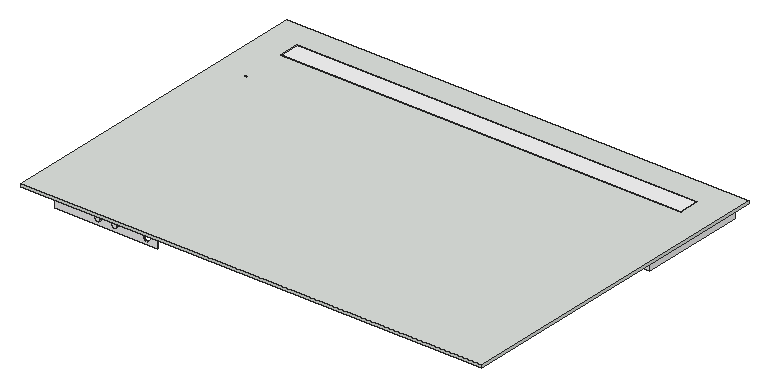
Revit family "Furniture-Lighted_Mirror-KOHLER-Forefront-K-23266IN_1", category Lighting Fixtures, host Face, Revit 2022
Family settings
  Host = Face
  Round Connector Dimension = Use Diameter
  Part Type = Normal
  OmniClass Number = 23.21.37.13.15
  OmniClass Title = Mirrors
  Cut with Voids When Loaded = No
  Light Source = Yes
  Maintain Annotation Orientation = No
  Shared = No
  Room Calculation Point = No
Parameters (values of type "NA-Anodized Aluminum")
  Width = 35 111/256"  # constant formula
  Wattage Comments = "170-250VAC"  # constant formula
  Wattage = 8.75174 W
  WaterSense Certified = 1 = 0  # no
  built-in parameter 1150110 = 1 (stored number, unit not read)
  Voltage = 12 V  # constant formula
  URL = "https://www.kohler.co.in/"
  Type = 1
  built-in parameter 1114217 = 1 (stored number, unit not read)
  built-in parameter 1150109 = 1 (stored number, unit not read)
  built-in parameter 1150134 = 12
  built-in parameter 1150113 = 1 (stored number, unit not read)
  Product Page URL = ""
  Product Name = "Forefront"  # constant formula
  Product Documentation Link = ""
  Model = "K-23266IN-NA"  # constant formula
  Material = "Anodized Aluminum Construction"  # constant formula
  Master Format 2014 Name = "Storage Cabinets"  # constant formula
  Master Format 2014 = "41 53 13"  # constant formula
  Manufacturer Address = "Ambience Office Tower NH-8 Gurgaon / Gurugram Haryana , 122001"  # constant formula
  Manufacturer = "Kohler Co."  # constant formula
  built-in parameter 1150105 = 413.8 (stored number, unit not read)
  Lumens = 1300 lm
  built-in parameter 1150115 = 1 (stored number, unit not read)
  Light Source Symbol Size = 6"  # constant formula
  built-in parameter 1150137 = (empty or 0)
  built-in parameter 1150139 = (empty or 0)
  Length = 1 23/128"  # constant formula
  built-in parameter 1150112 = 1 (stored number, unit not read)
  built-in parameter 1150114 = 1 (stored number, unit not read)
  Lamp = "LED"  # constant formula
  built-in parameter 1150132 = 2
  built-in parameter 1150102 = (empty or 0)
  built-in parameter 1150107 = 4000 (stored number, unit not read)
  built-in parameter 1150138 = (empty or 0)
  built-in parameter 1150106 = 4.138 (stored number, unit not read)
  Height = 25 151/256"  # constant formula
  Finish = Kohler-Metal-NA-Anodized_Aluminum
  Environmental Product Declaration = ""
  Emit from Line Length = 24"
  Electrical Note = "One Dedicated Circuit Required"  # constant formula
  Electrical Connector = 1 = 1  # yes
  built-in parameter 1150104 = 13.8 (stored number, unit not read)
  Dimming Lamp Color Temperature Shift = Incandescent Lamp Curve
  Description = "Time Mirror 900mm"  # constant formula
  Default Elevation = 60"
  Declare Label = ""
  Date Modified = "05/05/2022"  # constant formula
  Date Created = "05/05/2022"  # constant formula
  Copyright = "Copyright Kohler Co."  # constant formula
  Contact Us = "https://www.kohler.co.in/contact-us"
  Color Filter = 16777215
  built-in parameter 1114218 = 1 (stored number, unit not read)
  built-in parameter 1150133 = 10 (stored number, unit not read)
  Assembly Code = "D5020200"
  Apparent Load = 250 VA  # constant formula
  ADA Compliant = 1 = 0  # no
Reference planes (in)
  plane 1 "Center (Front/Back)": y = 0
  plane 2: z = 0
  plane 3 "Center (Left/Right)": x = 0
  plane 4: y = 12.79528
  plane 5: y = 10.82677
  plane 6: y = 10.03937
  plane 7: y = 9.25197
  plane 8: x = -15.35433
  plane 9: x = -17.71654
  plane 10: y = -9.23622
  plane 11: y = -12.79457
  plane 12: x = 15.35433
  plane 13: x = 16.14226
  plane 14: x = 17.71706
  plane 15: x = -11.59449
  plane 16: z = 1.17969
  plane 17: z = 1.08268
  plane 18: z = 0.98425
Dimensions and locks (in)
  "Width": plane 9 to plane 14
  "Height": plane 11 to plane 4
  plane 8 to plane 12 = 30.70866"
  plane 13 to plane 14 = 1.5748"
  plane 9 to plane 8 = 2.3622"
  plane 12 to plane 14 = 2.36273"
  "Length": plane 16 to level
  aligned and locked: plane 2 to host face
  aligned and locked: level to host face
Automatic sketch dimensions
  host sketch curve to host sketch curve = 96"  (x2)
Nested families (in)
  nested 1: "K-23266IN" at (0, 0, 0), type "K-23266IN"
Connectors (in)
  electrical at (-11.59449, -9.23622, 0), driven by "Voltage", driven by "Apparent Load", driven by "Electrical Connector", driven by "Electrical Note"
    settings: on nested 1, index 1, voltage 12 V, apparent load 250 VA, apparent load phase1 0 VA, apparent load phase2 0 VA, apparent load phase3 0 VA, power factor 1, load classification "Lighting", number of poles 1, system type 30, power factor state 1, is connector primary yes, connector utility yes, sub classification motor no, connector description "One Dedicated Circuit Required"
Definition of nested family "K-23266IN"
  Parameters
    Material = none
    Default Elevation = 0"
  Reference planes (in)
    plane 1 "Center (Front/Back)": y = 0
    plane 2: z = 0
    plane 3 "Center (Left/Right)": x = 0
    plane 4: x = -17.71654
    plane 5: x = 17.71654
    plane 6: x = -15.35433
    plane 7: x = 15.35433
    plane 8: y = 12.79528
    plane 9: y = -12.79528
    plane 10: y = 10.82677
    plane 11: y = 9.25197
    plane 12: x = -17.12598
    plane 13: x = 16.14173
    plane 14: x = 15.74803
    plane 15: z = 1.1811
    plane 16: z = 0.98425
    plane 17: z = 1.08268
    plane 18: y = -9.23622
    plane 19: x = -11.59449
    plane 20: y = 10.03937
  Forms (in)
    Extrusion 1, solid
      sketch origin (0, 0, 0) x (1, 0, 0) y (0, 1, 0)
        loop
          line (-17.71654, 12.79528) -> (-17.71654, -12.79528) -> (17.71654, -12.79528) -> (17.71654, 12.79528) -> (-17.71654, 12.79528)
      from 1.1811 to 0.98425
    Extrusion 2, void
      sketch origin (0, 0, 0) x (1, 0, 0) y (0, 1, 0)
        loop
          line (15.35433, 10.82677) -> (-15.35433, 10.82677) -> (-15.35433, 9.25197) -> (15.35433, 9.25197) -> (15.35433, 10.82677)
      from 1.02362 to 1.50522
    Extrusion 3, solid
      sketch origin (0, 0, 0) x (1, 0, 0) y (0, 1, 0)
        loop
          line (-15.35433, 10.82677) -> (-15.35433, 9.25197) -> (15.35433, 9.25197) -> (15.35433, 10.82677) -> (-15.35433, 10.82677)
      from 1.1811 to 1.14581
    Extrusion 4, solid, material <- "Material", detail levels medium+fine
      sketch origin (0, 0, 0) x (1, 0, 0) y (0, 0, 1)
        loop
          line (-16.14173, 0.98425) -> (-17.12598, 0.98425) -> (-17.12598, 0) -> (-16.14173, 0) -> (-16.14173, 0.98425)
        loop
          line (16.14173, 0.98425) -> (16.14173, 0) -> (17.12598, 0) -> (17.12598, 0.98425) -> (16.14173, 0.98425)
      from -12.20472 to -4.09449
    Extrusion 5, void
      sketch origin (0, 0, 0) x (1, 0, 0) y (0, 1, 0)
        loop
          line (-16.75197, 8.85827) -> (-16.75197, 8.55103)
          arc (-16.75197, 8.55103) -> (-16.63386, 8.11024) -> (-16.51575, 8.55103) r 0.23622
          line (-16.51575, 8.55103) -> (-16.51575, 8.85827)
          arc (-16.51575, 8.85827) -> (-16.63386, 8.97638) -> (-16.75197, 8.85827) r 0.11811
        loop
          arc (16.75197, 8.85827) -> (16.63386, 8.97638) -> (16.51575, 8.85827) r 0.11811
          line (16.51575, 8.85827) -> (16.51575, 8.55103)
          arc (16.51575, 8.55103) -> (16.63386, 8.11024) -> (16.75197, 8.55103) r 0.23622
          line (16.75197, 8.55103) -> (16.75197, 8.85827)
      from -1.93495 to 0.251
    Extrusion 6, solid, material <- "Material", detail levels medium+fine
      sketch origin (0, 0, 0) x (0, 1, 0) y (0, 0, 1)
        loop
          line (10.823, 0.15378) -> (11.18433, 0.92866)
          arc (11.18433, 0.92866) -> (11.1947, 0.94048) -> (11.20979, 0.94488) r 0.02809
          line (11.20979, 0.94488) -> (11.27064, 0.94488) -> (11.27064, 0.98425) -> (6.14173, 0.98425) -> (6.14173, 0.94488) -> (6.20013, 0.94488)
          arc (6.20013, 0.94488) -> (6.21451, 0.93892) -> (6.22047, 0.92454) r 0.02034
          line (6.22047, 0.92454) -> (6.22047, 0.27559)
          arc (6.22047, 0.27559) -> (6.30119, 0.08072) -> (6.49606, 0) r 0.27559
          line (6.49606, 0) -> (10.58162, 0)
          arc (10.58162, 0) -> (10.72472, 0.04171) -> (10.823, 0.15378) r 0.26633
      from -15.74803 to 15.74803
    Extrusion 7, solid, material <- "Material"
      sketch origin (0, 0, 0) x (1, 0, 0) y (0, 1, 0)
        loop
          line (15.74803, 5.35433) -> (-15.74803, 5.35433) -> (-15.74803, -7.24409) -> (15.74803, -7.24409) -> (15.74803, 5.35433)
      from 0.94488 to 0.98425
    Extrusion 8, solid, material <- "Material"
      sketch origin (0, 0, 0) x (1, 0, 0) y (0, 1, 0)
        loop
          line (-13.50394, -8.05512) -> (-13.50394, -10.41732) -> (-9.68504, -10.41732) -> (-9.68504, -8.05512) -> (-13.50394, -8.05512)
      from 0 to 0.98425
    Extrusion 9, solid, material <- "Material"
      sketch origin (0, 0, 0) x (1, 0, 0) y (0, 1, 0)
        loop
          line (-13.50394, -8.05512) -> (-14.09449, -8.05512) -> (-14.09449, -8.37008) -> (-13.8189, -8.37008)
          arc (-13.8189, -8.37008) -> (-13.74016, -8.44882) -> (-13.8189, -8.52756) r 0.07874
          line (-13.8189, -8.52756) -> (-14.09449, -8.52756) -> (-14.09449, -9.94488) -> (-13.8189, -9.94488)
          arc (-13.8189, -9.94488) -> (-13.74016, -10.02362) -> (-13.8189, -10.10236) r 0.07874
          line (-13.8189, -10.10236) -> (-14.09449, -10.10236) -> (-14.09449, -10.41732) -> (-13.50394, -10.41732) -> (-13.50394, -8.05512)
        loop
          line (-9.68504, -8.05512) -> (-9.68504, -10.41732) -> (-9.09449, -10.41732) -> (-9.09449, -10.10236) -> (-9.37008, -10.10236)
          arc (-9.37008, -10.10236) -> (-9.44882, -10.02362) -> (-9.37008, -9.94488) r 0.07874
          line (-9.37008, -9.94488) -> (-9.09449, -9.94488) -> (-9.09449, -8.52756) -> (-9.37008, -8.52756)
          arc (-9.37008, -8.52756) -> (-9.44882, -8.44882) -> (-9.37008, -8.37008) r 0.07874
          line (-9.37008, -8.37008) -> (-9.09449, -8.37008) -> (-9.09449, -8.05512) -> (-9.68504, -8.05512)
      from 0.59055 to 0.98425
    Extrusion 10, solid, material <- "Material"
      sketch origin (0, 0, 0) x (0, 1, 0) y (0, 0, 1)
        loop
          line (-11.22047, 0.94488) -> (-11.22047, 0.98425) -> (-12.20472, 0.98425) -> (-12.20472, 0) -> (-12.16535, 0) -> (-12.16535, 0.94488) -> (-11.22047, 0.94488)
      from -7.65748 to -15.5315
    Extrusion 11, solid, material <- "Material"
      sketch origin (0, 0, 0) x (1, 0, 0) y (0, 0, 1)
        loop
          circle (-12.20472, 0.49213) r 0.19685
        loop
          circle (-10.90551, 0.49213) r 0.19685
      from 12.25425 to 12.20472
    Extrusion 12, void
      sketch origin (0, 0, 0) x (1, 0, 0) y (0, 0, 1)
        loop
          circle (-8.44488, 0.49213) r 0.27559
      from 12.79528 to 11.72242
    Extrusion 13, solid, material <- "Material", detail levels coarse
      sketch origin (0, 0, 0) x (1, 0, 0) y (0, 1, 0)
        loop
          line (16.14173, 11.27064) -> (-16.14173, 11.27064) -> (-16.14173, 12.20472) -> (-17.12598, 12.20472) -> (-17.12598, 4.09449) -> (-16.14173, 4.09449) -> (-16.14173, 6.14173) -> (16.14173, 6.14173) -> (16.14173, 4.09449) -> (17.12598, 4.09449) -> (17.12598, 12.20472) -> (16.14173, 12.20472) -> (16.14173, 11.27064)
      from 0 to 0.98425
    Extrusion 14, solid, material <- "Material", detail levels medium+fine
      sketch origin (0, 0, 0) x (1, 0, 0) y (0, 1, 0)
        loop
          circle (-11.59449, -9.23622) r 0.19685
      from 0 to 0.21159
  Cuts and joins
    Extrusion 2 cuts Extrusion 1
    Extrusion 5 cuts Extrusion 4
    Extrusion 12 cuts Extrusion 10
  Lines and regions (in)
    Masking region 1
      outline origin (0, 0, 0) x (1, 0, 0) y (0, 1, 0)
        loop
          line (-17.71654, 12.79528) -> (-17.71654, -12.79528) -> (17.71654, -12.79528) -> (17.71654, 12.79528) -> (-17.71654, 12.79528)
    Masking region 2
      outline origin (0, 0, 0) x (0, 1, 0) y (0, 0, 1)
        loop
          line (4.09449, 0) -> (12.20472, 0) -> (12.20472, 0.98425) -> (12.79528, 0.98425) -> (12.79528, 1.1811) -> (-12.79528, 1.1811) -> (-12.79528, 0.98425) -> (-12.20472, 0.98425) -> (-12.20472, 0.68898) -> (-12.25425, 0.68898) -> (-12.25425, 0.29528) -> (-12.20472, 0.29528) -> (-12.20472, 0) -> (-12.16535, 0) -> (-12.16535, 0.94488) -> (-11.22047, 0.94488) -> (-11.22047, 0.98425) -> (-10.41732, 0.98425) -> (-10.41732, 0) -> (-8.05512, 0) -> (-8.05512, 0.98425) -> (-7.24409, 0.98425) -> (-7.24409, 0.94488) -> (4.09449, 0.94488) -> (4.09449, 0)
    Masking region 3
      outline origin (0, 0, 0) x (1, 0, 0) y (0, 0, 1)
        loop
          line (17.71654, 0.98425) -> (17.71654, 1.1811) -> (-17.71654, 1.1811) -> (-17.71654, 0.98425) -> (-17.12598, 0.98425) -> (-17.12598, 0) -> (-16.14173, 0) -> (-16.14173, 0.98425) -> (-15.74803, 0.98425) -> (-15.74803, 0) -> (15.74803, 0) -> (15.74803, 0.98425) -> (16.14173, 0.98425) -> (16.14173, 0) -> (17.12598, 0) -> (17.12598, 0.98425) -> (17.71654, 0.98425)
    symbolic lines, detail levels medium+fine
      curve 1: line (15.35433, 10.82677, 0) -> (-15.35433, 10.82677, 0)
      curve 2: line (-15.35433, 10.82677, 0) -> (-15.35433, 9.25197, 0)
      curve 3: line (-15.35433, 9.25197, 0) -> (15.35433, 9.25197, 0)
      curve 4: line (15.35433, 9.25197, 0) -> (15.35433, 10.82677, 0)
      curve 5: line (-14.84444, -9.97461, 0) -> (-14.29326, -9.97461, 0)
      curve 6: line (-14.84444, -10.78234, 0) -> (-14.84444, -9.97461, 0)
      curve 7: line (-14.29326, -10.78234, 0) -> (-14.84444, -10.78234, 0)
      curve 8: line (-14.7657, -10.7036, 0) -> (-14.7657, -10.39816, 0)
      curve 9: line (-14.7657, -10.05335, 0) -> (-14.372, -10.05335, 0)
      curve 10: line (-14.372, -10.7036, 0) -> (-14.7657, -10.7036, 0)
      curve 11: line (-14.372, -10.05335, 0) -> (-14.372, -10.35879, 0)
      curve 12: line (-14.7657, -10.35879, 0) -> (-14.372, -10.35879, 0)
      curve 13: line (-14.7657, -10.39816, 0) -> (-14.372, -10.39816, 0)
      curve 14: line (-14.7657, -10.35879, 0) -> (-14.7657, -10.05335, 0)
      curve 15: line (-14.372, -10.39816, 0) -> (-14.372, -10.7036, 0)
      curve 16: line (-14.29326, -9.97461, 0) -> (-14.29326, -10.78234, 0)
      curve 17: line (-14.15546, -9.97461, 0) -> (-13.60428, -9.97461, 0)
      curve 18: line (-14.15546, -10.78234, 0) -> (-14.15546, -9.97461, 0)
      curve 19: line (-13.60428, -10.78234, 0) -> (-14.15546, -10.78234, 0)
      curve 20: line (-14.07672, -10.7036, 0) -> (-14.07672, -10.39816, 0)
      curve 21: line (-14.07672, -10.05335, 0) -> (-13.68302, -10.05335, 0)
      curve 22: line (-13.68302, -10.7036, 0) -> (-14.07672, -10.7036, 0)
      curve 23: line (-13.68302, -10.05335, 0) -> (-13.68302, -10.35879, 0)
      curve 24: line (-14.07672, -10.35879, 0) -> (-13.68302, -10.35879, 0)
      curve 25: line (-14.07672, -10.39816, 0) -> (-13.68302, -10.39816, 0)
      curve 26: line (-14.07672, -10.35879, 0) -> (-14.07672, -10.05335, 0)
      curve 27: line (-13.68302, -10.39816, 0) -> (-13.68302, -10.7036, 0)
      curve 28: line (-13.60428, -9.97461, 0) -> (-13.60428, -10.78234, 0)
      curve 29: line (-11.98271, -9.97461, 0) -> (-12.53389, -9.97461, 0)
      curve 30: line (-11.98271, -10.78234, 0) -> (-11.98271, -9.97461, 0)
      curve 31: line (-12.53389, -10.78234, 0) -> (-11.98271, -10.78234, 0)
      curve 32: line (-12.06145, -10.7036, 0) -> (-12.06145, -10.39816, 0)
      curve 33: line (-12.06145, -10.05335, 0) -> (-12.45515, -10.05335, 0)
      curve 34: line (-12.45515, -10.7036, 0) -> (-12.06145, -10.7036, 0)
      curve 35: line (-12.45515, -10.05335, 0) -> (-12.45515, -10.35879, 0)
      curve 36: line (-12.06145, -10.35879, 0) -> (-12.45515, -10.35879, 0)
      curve 37: line (-12.06145, -10.39816, 0) -> (-12.45515, -10.39816, 0)
      curve 38: line (-12.06145, -10.35879, 0) -> (-12.06145, -10.05335, 0)
      curve 39: line (-12.45515, -10.39816, 0) -> (-12.45515, -10.7036, 0)
      curve 40: line (-12.53389, -9.97461, 0) -> (-12.53389, -10.78234, 0)
      curve 41: line (-12.67169, -9.97461, 0) -> (-13.22287, -9.97461, 0)
      curve 42: line (-12.67169, -10.78234, 0) -> (-12.67169, -9.97461, 0)
      curve 43: line (-13.22287, -10.78234, 0) -> (-12.67169, -10.78234, 0)
      curve 44: line (-12.75043, -10.7036, 0) -> (-12.75043, -10.39816, 0)
      curve 45: line (-12.75043, -10.05335, 0) -> (-13.14413, -10.05335, 0)
      curve 46: line (-13.14413, -10.7036, 0) -> (-12.75043, -10.7036, 0)
      curve 47: line (-13.14413, -10.05335, 0) -> (-13.14413, -10.35879, 0)
      curve 48: line (-12.75043, -10.35879, 0) -> (-13.14413, -10.35879, 0)
      curve 49: line (-12.75043, -10.39816, 0) -> (-13.14413, -10.39816, 0)
      curve 50: line (-12.75043, -10.35879, 0) -> (-12.75043, -10.05335, 0)
      curve 51: line (-13.14413, -10.39816, 0) -> (-13.14413, -10.7036, 0)
      curve 52: line (-13.22287, -9.97461, 0) -> (-13.22287, -10.78234, 0)
      curve 53: line (-13.46071, -10.22741, 0) -> (-13.36824, -10.22741, 0)
      curve 54: line (-13.46071, -10.27874, 0) -> (-13.46071, -10.22741, 0)
      curve 55: line (-13.36824, -10.27874, 0) -> (-13.46071, -10.27874, 0)
      curve 56: line (-13.36824, -10.22741, 0) -> (-13.36824, -10.27874, 0)
      curve 57: line (-13.4804, -10.20772, 0) -> (-13.34856, -10.20772, 0)
      curve 58: line (-13.34856, -10.20772, 0) -> (-13.34856, -10.29842, 0)
      curve 59: line (-13.34856, -10.29842, 0) -> (-13.4804, -10.29842, 0)
      curve 60: line (-13.4804, -10.29842, 0) -> (-13.4804, -10.20772, 0)
      curve 61: line (-13.46071, -10.52954, 0) -> (-13.36824, -10.52954, 0)
      curve 62: line (-13.46071, -10.47821, 0) -> (-13.46071, -10.52954, 0)
      curve 63: line (-13.36824, -10.47821, 0) -> (-13.46071, -10.47821, 0)
      curve 64: line (-13.36824, -10.52954, 0) -> (-13.36824, -10.47821, 0)
      curve 65: line (-13.4804, -10.54922, 0) -> (-13.34856, -10.54922, 0)
      curve 66: line (-13.34856, -10.54922, 0) -> (-13.34856, -10.45852, 0)
      curve 67: line (-13.34856, -10.45852, 0) -> (-13.4804, -10.45852, 0)
      curve 68: line (-13.4804, -10.45852, 0) -> (-13.4804, -10.54922, 0)
      curve 69: line (0, 12.20472, 0.98425) -> (0, -7.24409, 0.98425)
      curve 70: line (0, 4.09449, 0.94488) -> (0, 4.09449, 0.98425)
      curve 71: line (0, -8.05512, 0.98425) -> (0, -10.41732, 0.98425)
      curve 72: line (0, -11.22047, 0.98425) -> (0, -12.20472, 0.98425)
      curve 73: line (0, -12.20472, 0.29528) -> (0, -12.20472, 0.68898)
      curve 74: line (0, -8.05512, 0.59055) -> (0, -10.41732, 0.59055)
      curve 75: line (0, -8.37008, 0.98425) -> (0, -8.37008, 0.59055)
      curve 76: line (0, -8.52756, 0.59055) -> (0, -8.52756, 0.98425)
      curve 77: line (0, -9.94488, 0.98425) -> (0, -9.94488, 0.59055)
      curve 78: line (0, -10.10236, 0.59055) -> (0, -10.10236, 0.98425)
      curve 79: line (17.12598, 0, 0.98425) -> (16.14173, 0, 0.98425)
      curve 80: line (15.74803, 0, 0.98425) -> (-15.74803, 0, 0.98425)
      curve 81: line (-16.14173, 0, 0.98425) -> (-17.12598, 0, 0.98425)
      curve 82: line (-15.74803, 0, 0.94488) -> (15.74803, 0, 0.94488)
  Dimensions and locks (in)
    plane 4 to plane 3 "Center (Left/Right)" = 17.71654"
    plane 6 to plane 3 "Center (Left/Right)" = 15.35433"
    plane 8 to plane 9 = 25.59055"
    plane 11 to plane 10 = 1.5748"
    plane 4 to plane 12 = 0.59055"
    plane 14 to plane 13 = 0.3937"
    level to plane 15 = 1.1811"
    aligned and locked: plane 2 to level
